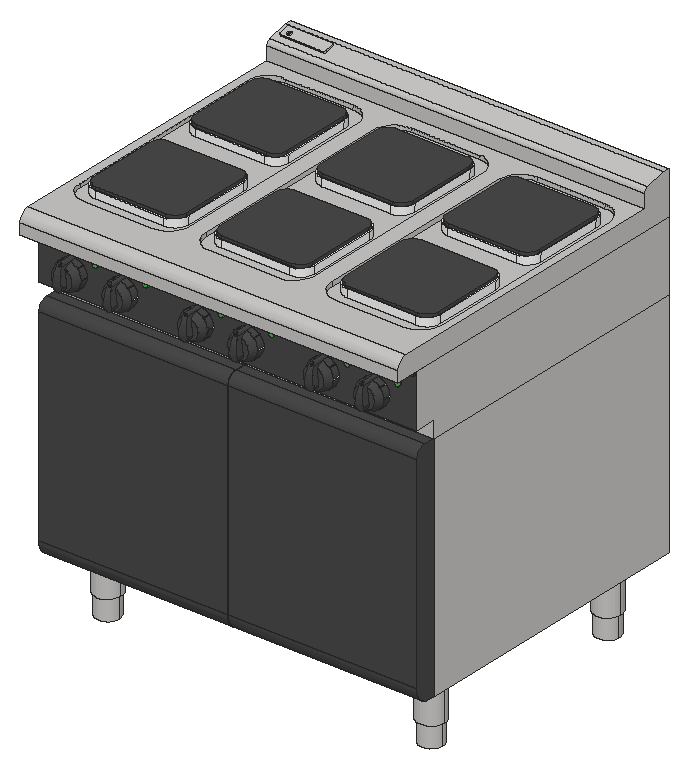
Revit family "QF_Moffat_RNLB8600SE-CD_Electrical_Cooktop_Sealed_Hobs_cat", category Specialty Equipment, Revit 2019
Family settings
  Round Connector Dimension = Use Diameter
  Part Type = Normal
  Work Plane-Based = No
  Always vertical = Yes
  Cut with Voids When Loaded = No
  Shared = No
  Room Calculation Point = No
Parameters (values of type "QF_Moffat_RNLB8600SE-CD")
  Weight in Kilograms = 130
  Watts = 9130 W
  Volts = 415 V
  URL Cutsheet = ""
  Specification by User = ""
  Specification by Manufacturer = ""
  Serial Number = ""
  Seismic Rating = ""
  SMACNA No = ""
  Revision Code = ""
  Phase = 3
  Number of Poles = 1
  NAFEM Spec ID Number = ""
  Model = "RNLB8600SE-CD"
  Min Ckt Ampacity = 0 A
  Max Overcurrent Protection = 0 A
  Masterspec = ""
  Manufacturer = "Moffat"
  Length = 900 mm
  Item Number = ""
  Installed By = ""
  Identify Quantity as Lot = yes
  Height = 970 mm
  HP = ""
  Furnished By = ""
  Foodservice Equipment Identifier = yes
  FL Amps = 22 A
  Electrical Remarks = ""
  Electric Connection Type = ""
  Elec Conn RI Height = 0 mm
  Elec Conn Connection Height = 0 mm
  Description = "Electric Cooktops Sealed Hobs"
  Depth = 805 mm
  Cycle = 60 Hz
  Conn Plug = ""
  Conn Conduit = yes
  CSI MasterFormat = ""
  Apparent Power = if(Phase = 3, Volts * FL Amps * 1.73, Volts * FL Amps)  # 15794.9 VA
Reference planes
  plane 1 "BACK": y = 0
  plane 2: z = 0
  plane 3 "LEFT": x = 0
  plane 4 "RIGHT": x = 900
  plane 5 "FRONT": y = -805
  plane 6 "TOP": z = 915
  plane 7 "Center Y": x = 450
  plane 8 "Center X": y = -402.5
  plane 9: z = 970
Forms (mm)
  Extrusion 1, solid, material "QF_Metal_Stainless_Polished"
    sketch origin (0, 0, 0) x (0, 1, 0) y (0, 0, 1)
      loop
        line (-805, 866) -> (0, 866) -> (0, 970) -> (-15, 970) -> (-61.106, 957.646)
        arc (-61.106, 957.646) -> (-67.52, 953.36) -> (-70, 946.055) r 12
        line (-70, 946.055) -> (-70, 915) -> (-781, 915)
        arc (-781, 915) -> (-797.971, 907.971) -> (-805, 891) r 24
        line (-805, 891) -> (-805, 866)
    from 0 to 900
  Extrusion 2, solid, material "QF_Metal_Stainless_Polished"
    sketch origin (0, 0, 55) x (0, 1, 0) y (0, 0, 1)
      loop
        line (-749, 811) -> (-749, 685) -> (0, 685) -> (0, 811) -> (-749, 811)
    from 0 to 900
  Extrusion 3, solid, material "QF_Metal_Stainless_Polished"
    sketch origin (0, 0, 55) x (0, 1, 0) y (0, 0, 1)
      loop
        line (-699, 685) -> (-699, 645.45) -> (0, 645.45) -> (0, 685) -> (-699, 685)
    from 0 to 900
  Extrusion 4, solid, material "QF_Plastic_Black_Smooth"
    sketch origin (900, 0, 0) x (0, 1, 0) y (0, 0, -1)
      loop
        line (-699, -700.45) -> (-699, -150) -> (-711, -150)
        arc (-711, -150) -> (-737.87, -161.13) -> (-749, -188) r 38
        line (-749, -188) -> (-749, -676.45)
        arc (-749, -676.45) -> (-741.971, -693.421) -> (-725, -700.45) r 24
        line (-725, -700.45) -> (-699, -700.45)
    from 0 to 449.5
  Extrusion 5, solid, material "QF_Plastic_Black_Smooth"
    sketch origin (0, 0, 0) x (0, 1, 0) y (0, 0, 1)
      loop
        line (-699, 700.45) -> (-725, 700.45)
        arc (-725, 700.45) -> (-741.971, 693.421) -> (-749, 676.45) r 24
        line (-749, 676.45) -> (-749, 188)
        arc (-749, 188) -> (-737.87, 161.13) -> (-711, 150) r 38
        line (-711, 150) -> (-699, 150) -> (-699, 700.45)
    from 0 to 449.5
  Extrusion 6, solid, material "QF_Metal_Stainless_Polished"
    sketch origin (900, 0, 0) x (0, -1, 0) y (0, 0, 1)
      loop
        line (0, 150) -> (699, 150) -> (699, 700.45) -> (0, 700.45) -> (0, 150)
    from 0 to 900
  Extrusion 7, void
    sketch origin (0, 0, 915) x (1, 0, 0) y (0, -1, 0)
      loop
        line (69, 102) -> (231, 102)
        arc (231, 102) -> (266.355, 116.645) -> (281, 152) r 50
        line (281, 152) -> (281, 652)
        arc (281, 652) -> (266.355, 687.355) -> (231, 702) r 50
        line (231, 702) -> (69, 702)
        arc (69, 702) -> (33.645, 687.355) -> (19, 652) r 50
        line (19, 652) -> (19, 152)
        arc (19, 152) -> (33.645, 116.645) -> (69, 102) r 50
      loop
        line (369, 102) -> (531, 102)
        arc (531, 102) -> (566.355, 116.645) -> (581, 152) r 50
        line (581, 152) -> (581, 652)
        arc (581, 652) -> (566.355, 687.355) -> (531, 702) r 50
        line (531, 702) -> (369, 702)
        arc (369, 702) -> (333.645, 687.355) -> (319, 652) r 50
        line (319, 652) -> (319, 152)
        arc (319, 152) -> (333.645, 116.645) -> (369, 102) r 50
      loop
        line (669, 102) -> (831, 102)
        arc (831, 102) -> (866.355, 116.645) -> (881, 152) r 50
        line (881, 152) -> (881, 652)
        arc (881, 652) -> (866.355, 687.355) -> (831, 702) r 50
        line (831, 702) -> (669, 702)
        arc (669, 702) -> (633.645, 687.355) -> (619, 652) r 50
        line (619, 652) -> (619, 152)
        arc (619, 152) -> (633.645, 116.645) -> (669, 102) r 50
    from 0 to 9.435
  Extrusion 8, solid, material "QF_Plastic_White_Smooth"
    sketch origin (0, -70, 905.565) x (1, 0, 0) y (0, 1, 0)
      loop
        line (232, -68) -> (68, -68)
        arc (68, -68) -> (45.373, -77.373) -> (36, -100) r 32
        line (36, -100) -> (36, -264)
        arc (36, -264) -> (45.373, -286.627) -> (68, -296) r 32
        line (68, -296) -> (232, -296)
        arc (232, -296) -> (254.627, -286.627) -> (264, -264) r 32
        line (264, -264) -> (264, -100)
        arc (264, -100) -> (254.627, -77.373) -> (232, -68) r 32
      loop
        line (532, -68) -> (368, -68)
        arc (368, -68) -> (345.373, -77.373) -> (336, -100) r 32
        line (336, -100) -> (336, -264)
        arc (336, -264) -> (345.373, -286.627) -> (368, -296) r 32
        line (368, -296) -> (532, -296)
        arc (532, -296) -> (554.627, -286.627) -> (564, -264) r 32
        line (564, -264) -> (564, -100)
        arc (564, -100) -> (554.627, -77.373) -> (532, -68) r 32
      loop
        line (832, -68) -> (668, -68)
        arc (668, -68) -> (645.373, -77.373) -> (636, -100) r 32
        line (636, -100) -> (636, -264)
        arc (636, -264) -> (645.373, -286.627) -> (668, -296) r 32
        line (668, -296) -> (832, -296)
        arc (832, -296) -> (854.627, -286.627) -> (864, -264) r 32
        line (864, -264) -> (864, -100)
        arc (864, -100) -> (854.627, -77.373) -> (832, -68) r 32
      loop
        line (232, -368) -> (68, -368)
        arc (68, -368) -> (45.373, -377.373) -> (36, -400) r 32
        line (36, -400) -> (36, -564)
        arc (36, -564) -> (45.373, -586.627) -> (68, -596) r 32
        line (68, -596) -> (232, -596)
        arc (232, -596) -> (254.627, -586.627) -> (264, -564) r 32
        line (264, -564) -> (264, -400)
        arc (264, -400) -> (254.627, -377.373) -> (232, -368) r 32
      loop
        line (532, -368) -> (368, -368)
        arc (368, -368) -> (345.373, -377.373) -> (336, -400) r 32
        line (336, -400) -> (336, -564)
        arc (336, -564) -> (345.373, -586.627) -> (368, -596) r 32
        line (368, -596) -> (532, -596)
        arc (532, -596) -> (554.627, -586.627) -> (564, -564) r 32
        line (564, -564) -> (564, -400)
        arc (564, -400) -> (554.627, -377.373) -> (532, -368) r 32
      loop
        line (832, -368) -> (668, -368)
        arc (668, -368) -> (645.373, -377.373) -> (636, -400) r 32
        line (636, -400) -> (636, -564)
        arc (636, -564) -> (645.373, -586.627) -> (668, -596) r 32
        line (668, -596) -> (832, -596)
        arc (832, -596) -> (854.627, -586.627) -> (864, -564) r 32
        line (864, -564) -> (864, -400)
        arc (864, -400) -> (854.627, -377.373) -> (832, -368) r 32
    from 0 to 17.735
  Extrusion 9, solid, material "QF_Plastic_Black_Smooth"
    sketch origin (0, -70, 923.3) x (1, 0, 0) y (0, 1, 0)
      loop
        line (233, -72) -> (67, -72)
        arc (67, -72) -> (47.908, -79.908) -> (40, -99) r 27
        line (40, -99) -> (40, -265)
        arc (40, -265) -> (47.908, -284.092) -> (67, -292) r 27
        line (67, -292) -> (233, -292)
        arc (233, -292) -> (252.092, -284.092) -> (260, -265) r 27
        line (260, -265) -> (260, -99)
        arc (260, -99) -> (252.092, -79.908) -> (233, -72) r 27
      loop
        line (533, -72) -> (367, -72)
        arc (367, -72) -> (347.908, -79.908) -> (340, -99) r 27
        line (340, -99) -> (340, -265)
        arc (340, -265) -> (347.908, -284.092) -> (367, -292) r 27
        line (367, -292) -> (533, -292)
        arc (533, -292) -> (552.092, -284.092) -> (560, -265) r 27
        line (560, -265) -> (560, -99)
        arc (560, -99) -> (552.092, -79.908) -> (533, -72) r 27
      loop
        line (833, -72) -> (667, -72)
        arc (667, -72) -> (647.908, -79.908) -> (640, -99) r 27
        line (640, -99) -> (640, -265)
        arc (640, -265) -> (647.908, -284.092) -> (667, -292) r 27
        line (667, -292) -> (833, -292)
        arc (833, -292) -> (852.092, -284.092) -> (860, -265) r 27
        line (860, -265) -> (860, -99)
        arc (860, -99) -> (852.092, -79.908) -> (833, -72) r 27
      loop
        line (833, -372) -> (667, -372)
        arc (667, -372) -> (647.908, -379.908) -> (640, -399) r 27
        line (640, -399) -> (640, -565)
        arc (640, -565) -> (647.908, -584.092) -> (667, -592) r 27
        line (667, -592) -> (833, -592)
        arc (833, -592) -> (852.092, -584.092) -> (860, -565) r 27
        line (860, -565) -> (860, -399)
        arc (860, -399) -> (852.092, -379.908) -> (833, -372) r 27
      loop
        line (533, -372) -> (367, -372)
        arc (367, -372) -> (347.908, -379.908) -> (340, -399) r 27
        line (340, -399) -> (340, -565)
        arc (340, -565) -> (347.908, -584.092) -> (367, -592) r 27
        line (367, -592) -> (533, -592)
        arc (533, -592) -> (552.092, -584.092) -> (560, -565) r 27
        line (560, -565) -> (560, -399)
        arc (560, -399) -> (552.092, -379.908) -> (533, -372) r 27
      loop
        line (233, -372) -> (67, -372)
        arc (67, -372) -> (47.908, -379.908) -> (40, -399) r 27
        line (40, -399) -> (40, -565)
        arc (40, -565) -> (47.908, -584.092) -> (67, -592) r 27
        line (67, -592) -> (233, -592)
        arc (233, -592) -> (252.092, -584.092) -> (260, -565) r 27
        line (260, -565) -> (260, -399)
        arc (260, -399) -> (252.092, -379.908) -> (233, -372) r 27
    from 0 to 6.1
  Revolve 10, solid, material "QF_Metal_Stainless_Polished"
    sketch origin (0, -625, 50) x (0, 0, -1) y (1, 0, 0)
      loop
        line (50, 65) -> (50, 92.5) -> (0, 92.5) -> (0, 96.75) -> (-100, 96.75) -> (-100, 65) -> (50, 65)
      axis (50, 65) -> (-100, 65)
    angle from 0 to 360
  Revolve 11, solid, material "QF_Metal_Stainless_Polished"
    sketch origin (0, -625, 50) x (0, 0, -1) y (1, 0, 0)
      loop
        line (50, 835) -> (-100, 835) -> (-100, 803.25) -> (0, 803.25) -> (0, 807.5) -> (50, 807.5) -> (50, 835)
      axis (50, 835) -> (-100, 835)
    angle from 0 to 360
  Revolve 12, solid, material "QF_Metal_Stainless_Polished"
    sketch origin (0, -100, 50) x (0, 0, -1) y (-1, 0, 0)
      loop
        line (50, -65) -> (-100, -65) -> (-100, -96.75) -> (0, -96.75) -> (0, -92.5) -> (50, -92.5) -> (50, -65)
      axis (50, -65) -> (-100, -65)
    angle from 0 to 360
  Revolve 13, solid, material "QF_Metal_Stainless_Polished"
    sketch origin (0, -100, 50) x (0, 0, -1) y (-1, 0, 0)
      loop
        line (50, -835) -> (50, -807.5) -> (0, -807.5) -> (0, -803.25) -> (-100, -803.25) -> (-100, -835) -> (50, -835)
      axis (50, -835) -> (-100, -835)
    angle from 0 to 360
  Extrusion 14, solid, material "QF_Plastic_Black_Smooth"
    sketch origin (9.416, -749, 786.609) x (0, 0, 1) y (-1, 0, 0)
      loop
        circle (71.343, -0.657) r 5
    from 0 to 1.6
  Extrusion 15, solid, material "QF_Metal_Stainless_Polished"
    sketch origin (900, 0, 150) x (-1, 0, 0) y (0, 1, 0)
      loop
        circle (130, -32) r 6.4
    from 0 to 1.6
  Extrusion 16, solid, material "QF_Plastic_Black_Smooth"
    sketch origin (890.584, -749, 786.609) x (0, 0, 1) y (-1, 0, 0)
      loop
        circle (71.343, 0.657) r 5
    from 0 to 1.6
  Extrusion 17, solid, material "QF_Paint_Green"
    sketch origin (0, -749, 866) x (0, 0, -1) y (1, 0, 0)
      loop
        circle (39.7, 135) r 7.25
      loop
        circle (39.7, 255) r 7.25
      loop
        circle (39.7, 435) r 7.25
      loop
        circle (39.7, 555) r 7.25
      loop
        circle (39.7, 735) r 7.25
      loop
        circle (39.7, 855) r 7.25
    from 0 to 1.6
Cuts and joins
  Extrusion 7 cuts Extrusion 4
  Extrusion 7 cuts Extrusion 5
  Extrusion 7 cuts Extrusion 6
  joined: Extrusion 6, Extrusion 15
  Extrusion 7 cuts Extrusion 1
  joined: Extrusion 2, Extrusion 3
Lines and regions (mm)
  symbolic lines
    curve 1: line (900, 0, 0) -> (0, 0, 0)
    curve 2: line (0, 0, 0) -> (0, -805, 0)
    curve 3: line (900, -805, 0) -> (900, 0, 0)
    curve 4: line (0, -805, 0) -> (900, -805, 0)
    curve 5: line (69, -102, 0) -> (231, -102, 0)
    curve 6: arc (231, -102, 0) -> (266.355, -116.645, 0) -> (281, -152, 0) r 50
    curve 7: line (281, -152, 0) -> (281, -652, 0)
    curve 8: arc (281, -652, 0) -> (266.355, -687.355, 0) -> (231, -702, 0) r 50
    curve 9: line (231, -702, 0) -> (69, -702, 0)
    curve 10: arc (69, -702, 0) -> (33.645, -687.355, 0) -> (19, -652, 0) r 50
    curve 11: line (19, -652, 0) -> (19, -152, 0)
    curve 12: arc (19, -152, 0) -> (33.645, -116.645, 0) -> (69, -102, 0) r 50
    curve 13: arc (319, -152, 0) -> (333.645, -116.645, 0) -> (369, -102, 0) r 50
    curve 14: line (369, -102, 0) -> (531, -102, 0)
    curve 15: arc (531, -102, 0) -> (566.355, -116.645, 0) -> (581, -152, 0) r 50
    curve 16: line (581, -152, 0) -> (581, -652, 0)
    curve 17: arc (581, -652, 0) -> (566.355, -687.355, 0) -> (531, -702, 0) r 50
    curve 18: line (531, -702, 0) -> (369, -702, 0)
    curve 19: arc (369, -702, 0) -> (333.645, -687.355, 0) -> (319, -652, 0) r 50
    curve 20: line (319, -652, 0) -> (319, -152, 0)
    curve 21: line (669, -102, 0) -> (831, -102, 0)
    curve 22: arc (831, -102, 0) -> (866.355, -116.645, 0) -> (881, -152, 0) r 50
    curve 23: line (881, -152, 0) -> (881, -652, 0)
    curve 24: arc (881, -652, 0) -> (866.355, -687.355, 0) -> (831, -702, 0) r 50
    curve 25: line (831, -702, 0) -> (669, -702, 0)
    curve 26: arc (669, -702, 0) -> (633.645, -687.355, 0) -> (619, -652, 0) r 50
    curve 27: line (619, -652, 0) -> (619, -152, 0)
    curve 28: arc (619, -152, 0) -> (633.645, -116.645, 0) -> (669, -102, 0) r 50
    curve 29: line (232, -138, 0) -> (68, -138, 0)
    curve 30: arc (68, -138, 0) -> (45.373, -147.373, 0) -> (36, -170, 0) r 32
    curve 31: line (36, -170, 0) -> (36, -334, 0)
    curve 32: arc (36, -334, 0) -> (45.373, -356.627, 0) -> (68, -366, 0) r 32
    curve 33: line (68, -366, 0) -> (232, -366, 0)
    curve 34: arc (232, -366, 0) -> (254.627, -356.627, 0) -> (264, -334, 0) r 32
    curve 35: line (264, -334, 0) -> (264, -170, 0)
    curve 36: arc (264, -170, 0) -> (254.627, -147.373, 0) -> (232, -138, 0) r 32
    curve 37: line (233, -142, 0) -> (67, -142, 0)
    curve 38: arc (67, -142, 0) -> (47.908, -149.908, 0) -> (40, -169, 0) r 27
    curve 39: line (40, -169, 0) -> (40, -335, 0)
    curve 40: arc (40, -335, 0) -> (47.908, -354.092, 0) -> (67, -362, 0) r 27
    curve 41: line (67, -362, 0) -> (233, -362, 0)
    curve 42: arc (233, -362, 0) -> (252.092, -354.092, 0) -> (260, -335, 0) r 27
    curve 43: line (260, -335, 0) -> (260, -169, 0)
    curve 44: arc (260, -169, 0) -> (252.092, -149.908, 0) -> (233, -142, 0) r 27
    curve 45: line (233, -442, 0) -> (67, -442, 0)
    curve 46: arc (67, -442, 0) -> (47.908, -449.908, 0) -> (40, -469, 0) r 27
    curve 47: line (40, -469, 0) -> (40, -635, 0)
    curve 48: arc (40, -635, 0) -> (47.908, -654.092, 0) -> (67, -662, 0) r 27
    curve 49: line (67, -662, 0) -> (233, -662, 0)
    curve 50: arc (233, -662, 0) -> (252.092, -654.092, 0) -> (260, -635, 0) r 27
    curve 51: line (260, -635, 0) -> (260, -469, 0)
    curve 52: arc (260, -469, 0) -> (252.092, -449.908, 0) -> (233, -442, 0) r 27
    curve 53: line (232, -438, 0) -> (68, -438, 0)
    curve 54: arc (68, -438, 0) -> (45.373, -447.373, 0) -> (36, -470, 0) r 32
    curve 55: line (36, -470, 0) -> (36, -634, 0)
    curve 56: arc (36, -634, 0) -> (45.373, -656.627, 0) -> (68, -666, 0) r 32
    curve 57: line (68, -666, 0) -> (232, -666, 0)
    curve 58: arc (232, -666, 0) -> (254.627, -656.627, 0) -> (264, -634, 0) r 32
    curve 59: line (264, -634, 0) -> (264, -470, 0)
    curve 60: arc (264, -470, 0) -> (254.627, -447.373, 0) -> (232, -438, 0) r 32
    curve 61: line (367, -662, 0) -> (533, -662, 0)
    curve 62: arc (533, -662, 0) -> (552.092, -654.092, 0) -> (560, -635, 0) r 27
    curve 63: line (560, -635, 0) -> (560, -469, 0)
    curve 64: arc (560, -469, 0) -> (552.092, -449.908, 0) -> (533, -442, 0) r 27
    curve 65: line (533, -442, 0) -> (367, -442, 0)
    curve 66: arc (367, -442, 0) -> (347.908, -449.908, 0) -> (340, -469, 0) r 27
    curve 67: line (340, -469, 0) -> (340, -635, 0)
    curve 68: arc (340, -635, 0) -> (347.908, -654.092, 0) -> (367, -662, 0) r 27
    curve 69: line (368, -666, 0) -> (532, -666, 0)
    curve 70: arc (532, -666, 0) -> (554.627, -656.627, 0) -> (564, -634, 0) r 32
    curve 71: line (564, -634, 0) -> (564, -470, 0)
    curve 72: arc (564, -470, 0) -> (554.627, -447.373, 0) -> (532, -438, 0) r 32
    curve 73: line (532, -438, 0) -> (368, -438, 0)
    curve 74: arc (368, -438, 0) -> (345.373, -447.373, 0) -> (336, -470, 0) r 32
    curve 75: line (336, -470, 0) -> (336, -634, 0)
    curve 76: arc (336, -634, 0) -> (345.373, -656.627, 0) -> (368, -666, 0) r 32
    curve 77: line (532, -138, 0) -> (368, -138, 0)
    curve 78: arc (368, -138, 0) -> (345.373, -147.373, 0) -> (336, -170, 0) r 32
    curve 79: line (336, -170, 0) -> (336, -334, 0)
    curve 80: arc (336, -334, 0) -> (345.373, -356.627, 0) -> (368, -366, 0) r 32
    curve 81: line (368, -366, 0) -> (532, -366, 0)
    curve 82: arc (532, -366, 0) -> (554.627, -356.627, 0) -> (564, -334, 0) r 32
    curve 83: line (564, -334, 0) -> (564, -170, 0)
    curve 84: arc (564, -170, 0) -> (554.627, -147.373, 0) -> (532, -138, 0) r 32
    curve 85: line (533, -142, 0) -> (367, -142, 0)
    curve 86: arc (367, -142, 0) -> (347.908, -149.908, 0) -> (340, -169, 0) r 27
    curve 87: line (340, -169, 0) -> (340, -335, 0)
    curve 88: arc (340, -335, 0) -> (347.908, -354.092, 0) -> (367, -362, 0) r 27
    curve 89: line (367, -362, 0) -> (533, -362, 0)
    curve 90: arc (533, -362, 0) -> (552.092, -354.092, 0) -> (560, -335, 0) r 27
    curve 91: line (560, -335, 0) -> (560, -169, 0)
    curve 92: arc (560, -169, 0) -> (552.092, -149.908, 0) -> (533, -142, 0) r 27
    curve 93: line (833, -142, 0) -> (667, -142, 0)
    curve 94: arc (667, -142, 0) -> (647.908, -149.908, 0) -> (640, -169, 0) r 27
    curve 95: line (640, -169, 0) -> (640, -335, 0)
    curve 96: arc (640, -335, 0) -> (647.908, -354.092, 0) -> (667, -362, 0) r 27
    curve 97: line (667, -362, 0) -> (833, -362, 0)
    curve 98: arc (833, -362, 0) -> (852.092, -354.092, 0) -> (860, -335, 0) r 27
    curve 99: line (860, -335, 0) -> (860, -169, 0)
    curve 100: arc (860, -169, 0) -> (852.092, -149.908, 0) -> (833, -142, 0) r 27
    curve 101: line (832, -138, 0) -> (668, -138, 0)
    curve 102: arc (668, -138, 0) -> (645.373, -147.373, 0) -> (636, -170, 0) r 32
    curve 103: line (636, -170, 0) -> (636, -334, 0)
    curve 104: arc (636, -334, 0) -> (645.373, -356.627, 0) -> (668, -366, 0) r 32
    curve 105: line (668, -366, 0) -> (832, -366, 0)
    curve 106: arc (832, -366, 0) -> (854.627, -356.627, 0) -> (864, -334, 0) r 32
    curve 107: line (864, -334, 0) -> (864, -170, 0)
    curve 108: arc (864, -170, 0) -> (854.627, -147.373, 0) -> (832, -138, 0) r 32
    curve 109: line (833, -442, 0) -> (667, -442, 0)
    curve 110: arc (667, -442, 0) -> (647.908, -449.908, 0) -> (640, -469, 0) r 27
    curve 111: line (640, -469, 0) -> (640, -635, 0)
    curve 112: arc (640, -635, 0) -> (647.908, -654.092, 0) -> (667, -662, 0) r 27
    curve 113: line (667, -662, 0) -> (833, -662, 0)
    curve 114: arc (833, -662, 0) -> (852.092, -654.092, 0) -> (860, -635, 0) r 27
    curve 115: line (860, -635, 0) -> (860, -469, 0)
    curve 116: arc (860, -469, 0) -> (852.092, -449.908, 0) -> (833, -442, 0) r 27
    curve 117: line (832, -438, 0) -> (668, -438, 0)
    curve 118: arc (668, -438, 0) -> (645.373, -447.373, 0) -> (636, -470, 0) r 32
    curve 119: line (636, -470, 0) -> (636, -634, 0)
    curve 120: arc (636, -634, 0) -> (645.373, -656.627, 0) -> (668, -666, 0) r 32
    curve 121: line (668, -666, 0) -> (832, -666, 0)
    curve 122: arc (832, -666, 0) -> (854.627, -656.627, 0) -> (864, -634, 0) r 32
    curve 123: line (864, -634, 0) -> (864, -470, 0)
    curve 124: arc (864, -470, 0) -> (854.627, -447.373, 0) -> (832, -438, 0) r 32
    curve 125: line (0, -15, 0) -> (900, -15, 0)
    curve 126: line (0, -70, 0) -> (900, -70, 0)
Dimensions and locks
  equal spacing: plane 3 "LEFT", plane 7 "Center Y", plane 4 "RIGHT"
  "Length": plane 3 "LEFT" to plane 4 "RIGHT"
  equal spacing: plane 5 "FRONT", plane 8 "Center X", plane 1 "BACK"
  "Depth": plane 5 "FRONT" to plane 1 "BACK"
  "Height": plane 9 to level
  aligned and locked: level to plane 2
Automatic sketch dimensions
  Extrusion 1 sketch curve to plane 5 "FRONT" = 0 mm
  Extrusion 1 sketch curve to plane 6 "TOP" = 0 mm
  Extrusion 1 sketch curve to plane 5 "FRONT" = 24 mm
  Extrusion 1 sketch curve to Extrusion 1 sketch curve = 25 mm
  Extrusion 2 sketch curve to plane 1 "BACK" = 0 mm
  Extrusion 2 sketch curve to plane 5 "FRONT" = 56 mm
  Extrusion 2 sketch curve to plane 6 "TOP" = 175 mm
  Extrusion 2 sketch curve to plane 6 "TOP" = 49 mm
  Extrusion 3 sketch curve to plane 1 "BACK" = 0 mm
  Extrusion 3 sketch curve to plane 5 "FRONT" = 106 mm
  Extrusion 3 sketch curve to plane 6 "TOP" = 214.55 mm
  Extrusion 3 sketch curve to Extrusion 3 sketch curve = 39.55 mm
  Extrusion 4 sketch curve to plane 5 "FRONT" = 56 mm
  Extrusion 4 sketch curve to Extrusion 4 sketch curve = 24 mm
  Extrusion 4 sketch curve to Extrusion 4 sketch curve = 38 mm
  Extrusion 4 sketch curve to Extrusion 4 sketch curve = 26 mm
  Extrusion 4 sketch curve to plane 6 "TOP" = 214.55 mm
  level to Extrusion 4 sketch curve = 188 mm
  Extrusion 5 sketch curve to plane 5 "FRONT" = 56 mm
  Extrusion 5 sketch curve to Extrusion 5 sketch curve = 24 mm
  Extrusion 5 sketch curve to Extrusion 5 sketch curve = 38 mm
  Extrusion 5 sketch curve to Extrusion 5 sketch curve = 26 mm
  level to Extrusion 5 sketch curve = 150 mm
  Extrusion 5 sketch curve to plane 6 "TOP" = 238.55 mm
  Extrusion 6 sketch curve to plane 1 "BACK" = 0 mm
  Extrusion 6 sketch curve to plane 5 "FRONT" = 106 mm
  level to Extrusion 6 sketch curve = 150 mm
  Extrusion 6 sketch curve to plane 6 "TOP" = 214.55 mm
  Extrusion 1 to Extrusion 7 sketch curve = 19 mm  (x2)
  Extrusion 7 sketch curve to Extrusion 7 sketch curve = 50 mm  (x8)
  Extrusion 7 sketch curve to Extrusion 1 = 79 mm  (x3)
  Extrusion 7 sketch curve to Extrusion 7 sketch curve = 162 mm  (x4)
  Extrusion 7 sketch curve to Extrusion 7 sketch curve = 38 mm  (x2)
  Extrusion 1 to Extrusion 7 sketch curve = 69 mm  (x2)
  Extrusion 7 sketch curve to Extrusion 7 sketch curve = 0 mm
  plane 3 "LEFT" to Extrusion 8 sketch curve = 36 mm  (x2)
  Extrusion 8 sketch curve to Extrusion 8 sketch curve = 32 mm  (x18)
  Extrusion 8 sketch curve to Extrusion 8 sketch curve = 164 mm  (x8)
  Extrusion 8 sketch curve to Extrusion 8 sketch curve = 0 mm  (x2)
  Extrusion 8 sketch curve to Extrusion 8 sketch curve = 72 mm  (x4)
  plane 8 "Center X" to Extrusion 8 sketch curve = 36.5 mm  (x3)
  plane 7 "Center Y" to Extrusion 8 sketch curve = 82 mm  (x4)
  Extrusion 8 sketch curve to plane 8 "Center X" = 35.5 mm
  plane 4 "RIGHT" to Extrusion 8 sketch curve = 68 mm  (x4)
  Extrusion 8 sketch curve to plane 8 "Center X" = 67.5 mm  (x2)
  Extrusion 9 sketch curve to Extrusion 8 = 4 mm  (x19)
  Extrusion 9 sketch curve to Extrusion 8 = 31 mm  (x23)
  Extrusion 9 sketch curve to Extrusion 9 sketch curve = 27 mm  (x6)
  Revolve 10 sketch curve to level = 0 mm  (x2)
  level to Revolve 10 sketch curve = 50 mm
  Revolve 10 sketch curve to Revolve 10 sketch curve = 100 mm
  plane 3 "LEFT" to Revolve 10 sketch curve = 65 mm
  Revolve 10 sketch curve to Revolve 10 sketch curve = 27.5 mm
  Revolve 10 sketch curve to Revolve 10 sketch curve = 31.75 mm
  level to Revolve 10 sketch curve = 25 mm
  Revolve 10 sketch curve to Revolve 10 sketch curve = 0 mm
  Revolve 11 sketch curve to level = 0 mm  (x2)
  level to Revolve 11 sketch curve = 50 mm
  Revolve 11 sketch curve to Revolve 11 sketch curve = 100 mm
  plane 4 "RIGHT" to Revolve 11 sketch curve = 96.75 mm
  Revolve 11 sketch curve to Revolve 11 sketch curve = 4.25 mm
  Revolve 11 sketch curve to Revolve 11 sketch curve = 27.5 mm
  level to Revolve 11 sketch curve = 25 mm
  Revolve 11 sketch curve to Revolve 11 sketch curve = 0 mm
  Revolve 12 sketch curve to level = 0 mm  (x2)
  level to Revolve 12 sketch curve = 50 mm
  Revolve 12 sketch curve to Revolve 12 sketch curve = 100 mm
  plane 3 "LEFT" to Revolve 12 sketch curve = 96.75 mm
  Revolve 12 sketch curve to Revolve 12 sketch curve = 4.25 mm
  Revolve 12 sketch curve to Revolve 12 sketch curve = 27.5 mm
  level to Revolve 12 sketch curve = 25 mm
  Revolve 12 sketch curve to Revolve 12 sketch curve = 0 mm
  Revolve 13 sketch curve to level = 0 mm  (x2)
  level to Revolve 13 sketch curve = 50 mm
  Revolve 13 sketch curve to Revolve 13 sketch curve = 100 mm
  plane 4 "RIGHT" to Revolve 13 sketch curve = 65 mm
  Revolve 13 sketch curve to Revolve 13 sketch curve = 27.5 mm
  Revolve 13 sketch curve to Revolve 13 sketch curve = 31.75 mm
  level to Revolve 13 sketch curve = 25 mm
  Revolve 13 sketch curve to Revolve 13 sketch curve = 0 mm
  plane 3 "LEFT" to Extrusion 14 sketch curve = 10.074 mm
  Extrusion 14 sketch curve to plane 6 "TOP" = 57.048 mm
  Extrusion 15 sketch curve to Extrusion 6 = 32 mm
  Extrusion 15 sketch curve to Extrusion 6 = 130 mm
  plane 4 "RIGHT" to Extrusion 16 sketch curve = 10.074 mm
  Extrusion 16 sketch curve to plane 6 "TOP" = 57.048 mm
  Extrusion 2 to Extrusion 17 sketch curve = 39.7 mm  (x6)
  Extrusion 2 to Extrusion 17 sketch curve = 135 mm
  Extrusion 17 sketch curve to Extrusion 17 sketch curve = 120 mm  (x2)
  Extrusion 17 sketch curve to Extrusion 17 sketch curve = 180 mm
  Extrusion 2 to Extrusion 17 sketch curve = 165 mm
  Extrusion 2 to Extrusion 17 sketch curve = 45 mm
  plane 1 "BACK" to curve 1 = 0 mm
  curve 1 to plane 3 "LEFT" = 0 mm
  curve 3 to plane 5 "FRONT" = 0 mm
  curve 3 to plane 4 "RIGHT" = 0 mm
  plane 3 "LEFT" to curve 11 = 19 mm
  curve 11 to curve 12 = 50 mm
  curve 10 to curve 10 = 50 mm
  curve 10 to curve 9 = 162 mm
  curve 12 to curve 6 = 162 mm
  curve 8 to curve 7 = 50 mm
  curve 9 to plane 5 "FRONT" = 103 mm
  plane 1 "BACK" to curve 7 = 152 mm
  curve 7 to curve 20 = 38 mm
  curve 13 to curve 13 = 50 mm
  curve 19 to curve 18 = 50 mm
  plane 7 "Center Y" to curve 15 = 81 mm
  plane 7 "Center Y" to curve 18 = 81 mm
  curve 17 to curve 16 = 50 mm
  curve 18 to plane 5 "FRONT" = 103 mm
  curve 6 to curve 20 = 0 mm
  curve 16 to curve 27 = 38 mm
  curve 27 to curve 21 = 50 mm
  curve 26 to curve 26 = 50 mm
  plane 4 "RIGHT" to curve 24 = 69 mm
  plane 4 "RIGHT" to curve 22 = 69 mm
  plane 4 "RIGHT" to curve 23 = 19 mm
  curve 25 to curve 16 = 50 mm
  curve 15 to curve 27 = 0 mm
  plane 3 "LEFT" to curve 31 = 36 mm
  curve 30 to curve 12 = 1 mm
  curve 32 to curve 33 = 32 mm
  curve 6 to curve 36 = 1 mm
  plane 8 "Center X" to curve 33 = 36.5 mm
  curve 33 to curve 33 = 164 mm
  curve 34 to curve 35 = 32 mm
  curve 36 to curve 6 = 18 mm
  curve 30 to curve 39 = 4 mm
  curve 37 to curve 30 = 1 mm
  curve 40 to curve 32 = 1 mm
  curve 36 to curve 37 = 1 mm
  curve 34 to curve 41 = 1 mm
  curve 43 to curve 36 = 4 mm
  curve 32 to curve 41 = 4 mm
  curve 30 to curve 39 = 1 mm
  curve 11 to curve 47 = 21 mm
  curve 49 to curve 10 = 2 mm
  curve 47 to curve 46 = 27 mm
  curve 8 to curve 49 = 2 mm
  curve 33 to curve 52 = 1 mm
  curve 50 to curve 51 = 27 mm
  curve 49 to curve 10 = 10 mm
  curve 51 to plane 8 "Center X" = 66.5 mm
  curve 55 to curve 46 = 4 mm
  curve 46 to curve 53 = 1 mm
  curve 48 to curve 56 = 1 mm
  curve 58 to curve 50 = 1 mm
  curve 60 to curve 52 = 1 mm
  curve 51 to curve 59 = 4 mm
  curve 57 to curve 49 = 4 mm
  curve 55 to curve 46 = 1 mm
  curve 59 to curve 67 = 76 mm
  curve 66 to curve 65 = 27 mm
  curve 68 to curve 19 = 2 mm
  curve 17 to curve 62 = 2 mm
  curve 65 to plane 8 "Center X" = 39.5 mm
  plane 7 "Center Y" to curve 65 = 83 mm
  curve 64 to curve 63 = 27 mm
  curve 61 to curve 19 = 10 mm
  curve 75 to curve 66 = 4 mm
  curve 68 to curve 69 = 1 mm
  curve 66 to curve 74 = 1 mm
  curve 70 to curve 62 = 1 mm
  curve 73 to curve 64 = 1 mm
  curve 63 to curve 71 = 4 mm
  curve 69 to curve 61 = 4 mm
  curve 75 to curve 66 = 1 mm
  curve 13 to curve 79 = 17 mm
  curve 77 to curve 13 = 1 mm
  curve 80 to curve 81 = 32 mm
  curve 15 to curve 84 = 1 mm
  plane 8 "Center X" to curve 81 = 36.5 mm
  curve 81 to curve 73 = 0 mm
  curve 83 to curve 16 = 17 mm
  curve 79 to curve 13 = 18 mm
  curve 78 to curve 87 = 4 mm
  curve 85 to curve 77 = 1 mm
  curve 88 to curve 80 = 1 mm
  curve 77 to curve 85 = 1 mm
  curve 82 to curve 89 = 1 mm
  curve 91 to curve 82 = 4 mm
  curve 80 to curve 89 = 4 mm
  curve 78 to curve 86 = 1 mm
  curve 83 to curve 95 = 76 mm
  curve 96 to curve 96 = 27 mm
  curve 93 to curve 28 = 2 mm
  curve 22 to curve 93 = 2 mm
  plane 8 "Center X" to curve 97 = 40.5 mm
  plane 4 "RIGHT" to curve 97 = 67 mm
  curve 98 to curve 99 = 27 mm
  curve 94 to curve 28 = 17 mm
  curve 103 to curve 94 = 4 mm
  curve 96 to curve 105 = 1 mm
  curve 94 to curve 102 = 1 mm
  curve 106 to curve 98 = 1 mm
  curve 108 to curve 100 = 1 mm
  curve 99 to curve 107 = 4 mm
  curve 105 to curve 96 = 4 mm
  curve 102 to curve 94 = 1 mm
  curve 71 to curve 111 = 76 mm
  curve 112 to curve 26 = 2 mm
  curve 110 to curve 109 = 27 mm
  curve 24 to curve 114 = 2 mm
  plane 4 "RIGHT" to curve 116 = 67 mm
  curve 114 to curve 115 = 27 mm
  curve 113 to curve 24 = 10 mm
  curve 116 to plane 8 "Center X" = 66.5 mm
  curve 119 to curve 112 = 4 mm
  curve 112 to curve 121 = 1 mm
  curve 110 to curve 118 = 1 mm
  curve 121 to curve 114 = 1 mm
  curve 117 to curve 116 = 1 mm
  curve 116 to curve 123 = 4 mm
  curve 121 to curve 112 = 4 mm
  curve 124 to curve 116 = 1 mm
  plane 6 "TOP" to Extrusion 1 sketch curve = 31.055 mm
  plane 1 "BACK" to Extrusion 1 sketch curve = 70 mm
  Extrusion 1 sketch curve to Extrusion 1 sketch curve = 12 mm
  Extrusion 1 sketch curve to Extrusion 1 sketch curve = 3.106 mm
  plane 1 "BACK" to Extrusion 1 sketch curve = 15 mm
  Extrusion 1 sketch curve to Extrusion 1 sketch curve = 12.354 mm
  Extrusion 1 sketch curve to plane 1 "BACK" = 0 mm
  Extrusion 7 sketch curve to Extrusion 1 = 82 mm  (x2)
  curve 125 to curve 1 = 15 mm
  curve 126 to curve 125 = 55 mm
  radius of Extrusion 14 sketch curve = 5 mm
  radius of Extrusion 15 sketch curve = 6.4 mm
  radius of Extrusion 16 sketch curve = 5 mm
  radius of Extrusion 17 sketch curve = 7.25 mm  (x6)
Nested families
  nested 1: "Knob" at (57.325, -749, 764.49), type "Knob"
  nested 2: "Knob" at (177.5, -749, 764.49), type "Knob"
  nested 3: "Knob" at (357.5, -749, 764.49), type "Knob"
  nested 4: "Knob" at (722.5, -749, 764.49) x (-1, 0, 0) z (0, 0, 1), type "Knob"
  nested 5: "Knob" at (542.5, -749, 764.49) x (-1, 0, 0) z (0, 0, 1), type "Knob"
  nested 6: "Knob" at (842.5, -749, 764.49) x (-1, 0, 0) z (0, 0, 1), type "Knob"
  nested 7: "QF_LOGO_Waldorf" at (10.75, -20.251, 941.882), type "QF_LOGO_Waldorf"
Connectors
  electrical at (770, -32, 148.4), driven by "Volts", driven by "Watts"
    settings: on cut or joined group of Extrusion 6, Extrusion 7, Extrusion 15, index 1, voltage 415 V, apparent load 9130 VA, apparent load phase1 0 VA, apparent load phase2 0 VA, apparent load phase3 0 VA, power factor 1, load classification "Other", number of poles 1, system type 30, power factor state 1, is connector primary yes, connector utility no, sub classification motor no, connector description "ELECTRICAL CONNECTION"
Definition of nested family "Knob"
  Parameters (values of type "Knob")
    Weight in Pounds = 0
    URL Cutsheet = ""
    Specification by User = ""
    Specification by Manufacturer = ""
    Serial Number = ""
    Seismic Rating = ""
    SMACNA No = ""
    Revision Code = ""
    NAFEM Spec ID Number = ""
    Masterspec = ""
    Length = 65 mm
    Item Number = ""
    Installed By = ""
    Identify Quantity as Lot = yes
    Height = 69.5 mm
    Furnished By = ""
    Foodservice Equipment Identifier = yes
    Depth = 59 mm
    CSI MasterFormat = ""
  Reference planes
    plane 1 "BACK": y = 0
    plane 2: z = 0
    plane 3 "LEFT": x = 0
    plane 4 "RIGHT": x = 65
    plane 5 "FRONT": y = -59
    plane 6 "TOP": z = 69.5
    plane 7 "Center Y": x = 32.5
    plane 8 "Center X": y = -29.5
  Forms (mm)
    Revolve 1, solid
      sketch origin (32.5, 175.397, 1219.2) x (0, 1, 0) y (0, 0, 1)
        loop
          line (-175.397, -1186.7) -> (-219.397, -1186.7) -> (-219.397, -1211.501) -> (-202.106, -1219.2) -> (-185.397, -1219.2) -> (-185.397, -1191.7) -> (-175.397, -1191.7) -> (-175.397, -1186.7)
        axis (-219.397, -1186.7) -> (-175.397, -1186.7)
      angle from 0 to 360
    Extrusion 2, solid
      sketch origin (32.5, 175.397, 1219.2) x (0, 1, 0) y (0, 0, 1)
        loop
          line (-202.106, -1154.2) -> (-185.397, -1154.2) -> (-185.397, -1149.7) -> (-224.105, -1149.7)
          arc (-224.105, -1149.7) -> (-233.965, -1178.467) -> (-230.696, -1208.7) r 70
          line (-230.696, -1208.7) -> (-219.397, -1208.7) -> (-219.397, -1161.899) -> (-202.106, -1154.2)
      from -15 to 15
    Extrusion 3, void
      sketch origin (0, 0, 0) x (1, 0, 0) y (0, 0, 1)
        loop
          line (27.501, 64.613) -> (22.02, 20.585)
          arc (22.02, 20.585) -> (32.792, 10.488) -> (42.986, 21.169) r 10.487
          line (42.986, 21.169) -> (37.499, 64.613)
          arc (37.499, 64.613) -> (32.5, 69.5) -> (27.501, 64.613) r 5
        loop
          line (10, 72.977) -> (10, 5.625) -> (55, 5.625) -> (55, 72.977) -> (10, 72.977)
      from 6.142 to 69.687
    Extrusion 4, solid
      sketch origin (0, -34.115, -16.916) x (1, 0, 0) y (0, 0.45399, 0.891007)
        loop
          circle (32.497, 65) r 2
      from 51.525 to 53.075
    Extrusion 5, solid
      sketch origin (32.5, -10, 32.5) x (0, 0, -1) y (-1, 0, 0)
        loop
          line (-23.54, -22.408) -> (-24.106, -22.974)
          arc (-24.106, -22.974) -> (-23.547, -23.547) -> (-22.974, -24.106) r 33.3
          line (-22.974, -24.106) -> (-22.408, -23.54)
          arc (-22.408, -23.54) -> (-22.981, -22.981) -> (-23.54, -22.408) r 32.5
        loop
          arc (-0.8, -33.29) -> (0, -33.3) -> (0.8, -33.29) r 33.3
          line (0.8, -33.29) -> (0.8, -32.49)
          arc (0.8, -32.49) -> (0, -32.5) -> (-0.8, -32.49) r 32.5
          line (-0.8, -32.49) -> (-0.8, -33.29)
        loop
          arc (23.54, -22.408) -> (22.981, -22.981) -> (22.408, -23.54) r 32.5
          line (22.408, -23.54) -> (22.974, -24.106)
          arc (22.974, -24.106) -> (23.547, -23.547) -> (24.106, -22.974) r 33.3
          line (24.106, -22.974) -> (23.54, -22.408)
        loop
          arc (-23.54, 22.408) -> (-22.981, 22.981) -> (-22.408, 23.54) r 32.5
          line (-22.408, 23.54) -> (-22.974, 24.106)
          arc (-22.974, 24.106) -> (-23.547, 23.547) -> (-24.106, 22.974) r 33.3
          line (-24.106, 22.974) -> (-23.54, 22.408)
        loop
          line (-0.8, 33.29) -> (-0.8, 32.49)
          arc (-0.8, 32.49) -> (0, 32.5) -> (0.8, 32.49) r 32.5
          line (0.8, 32.49) -> (0.8, 33.29)
          arc (0.8, 33.29) -> (0, 33.3) -> (-0.8, 33.29) r 33.3
        loop
          line (32.49, -0.8) -> (33.29, -0.8)
          arc (33.29, -0.8) -> (33.3, 0) -> (33.29, 0.8) r 33.3
          line (33.29, 0.8) -> (32.49, 0.8)
          arc (32.49, 0.8) -> (32.5, 0) -> (32.49, -0.8) r 32.5
        loop
          arc (24.106, 22.974) -> (23.547, 23.547) -> (22.974, 24.106) r 33.3
          line (22.974, 24.106) -> (22.408, 23.54)
          arc (22.408, 23.54) -> (22.981, 22.981) -> (23.54, 22.408) r 32.5
          line (23.54, 22.408) -> (24.106, 22.974)
      from 0 to -16.709
  Cuts and joins
    Extrusion 3 cuts Extrusion 2
  Dimensions and locks
    equal spacing: plane 3 "LEFT", plane 7 "Center Y", plane 4 "RIGHT"
    "Length": plane 3 "LEFT" to plane 4 "RIGHT"
    equal spacing: plane 5 "FRONT", plane 8 "Center X", plane 1 "BACK"
    "Depth": plane 5 "FRONT" to plane 1 "BACK"
    "Height": plane 6 "TOP" to level
    plane 4 "RIGHT" to plane 3 "LEFT" = 65 mm
    aligned and locked: level to plane 2
  Automatic sketch dimensions
    Revolve 1 sketch curve to level = 0 mm
    Revolve 1 sketch curve to plane 1 "BACK" = 0 mm  (x2)
    plane 1 "BACK" to Revolve 1 sketch curve = 10 mm
    plane 8 "Center X" to Revolve 1 sketch curve = 2.791 mm
    Revolve 1 sketch curve to plane 8 "Center X" = 14.5 mm
    level to Revolve 1 sketch curve = 7.699 mm
    level to Revolve 1 sketch curve = 27.5 mm
    Revolve 1 sketch curve to Revolve 1 sketch curve = 5 mm
    Revolve 1 sketch curve to Revolve 1 sketch curve = 35 mm
    Revolve 1 sketch curve to Revolve 1 sketch curve = 0 mm
    Extrusion 2 sketch curve to plane 6 "TOP" = 0 mm
    Extrusion 2 sketch curve to plane 5 "FRONT" = 3.702 mm
    Extrusion 2 sketch curve to plane 5 "FRONT" = 10.293 mm
    Extrusion 2 sketch curve to Extrusion 2 sketch curve = 11.298 mm
    plane 8 "Center X" to Extrusion 2 sketch curve = 2.791 mm
    plane 1 "BACK" to Extrusion 2 sketch curve = 10 mm
    Extrusion 2 sketch curve to plane 1 "BACK" = 11 mm
    Extrusion 2 sketch curve to plane 6 "TOP" = 4.5 mm
    Extrusion 2 sketch curve to plane 6 "TOP" = 12.199 mm
    level to Extrusion 2 sketch curve = 32.962 mm
    level to Extrusion 3 sketch curve = 5.625 mm
    Extrusion 3 sketch curve to plane 7 "Center Y" = 0 mm  (x2)
    Extrusion 3 sketch curve to plane 7 "Center Y" = 4.999 mm
    Extrusion 3 sketch curve to plane 7 "Center Y" = 10.48 mm
    plane 6 "TOP" to Extrusion 3 sketch curve = 3.477 mm
    plane 3 "LEFT" to Extrusion 3 sketch curve = 10 mm
    Extrusion 3 sketch curve to plane 6 "TOP" = 4.887 mm
    Extrusion 3 sketch curve to Extrusion 3 sketch curve = 4.999 mm
    plane 7 "Center Y" to Extrusion 3 sketch curve = 10.486 mm
    level to Extrusion 3 sketch curve = 20.585 mm
    Extrusion 3 sketch curve to Extrusion 3 sketch curve = 0.387 mm
    Extrusion 3 sketch curve to Extrusion 3 sketch curve = 0.113 mm
    plane 4 "RIGHT" to Extrusion 3 sketch curve = 10 mm
    Extrusion 5 sketch curve to Revolve 1 = 32.49 mm
    Revolve 1 to Extrusion 5 sketch curve = 32.49 mm
    Extrusion 5 sketch curve to Revolve 1 = 23.54 mm  (x2)
    Revolve 1 to Extrusion 5 sketch curve = 23.54 mm  (x2)
    Extrusion 5 sketch curve to Revolve 1 = 24.106 mm  (x2)
    Revolve 1 to Extrusion 5 sketch curve = 24.106 mm  (x2)
    Revolve 1 to Extrusion 5 sketch curve = 22.408 mm  (x2)
    Extrusion 5 sketch curve to Revolve 1 = 22.408 mm  (x2)
    Revolve 1 to Extrusion 5 sketch curve = 22.974 mm  (x2)
    Extrusion 5 sketch curve to Revolve 1 = 22.974 mm  (x2)
    Extrusion 5 sketch curve to Extrusion 5 sketch curve = 1.6 mm  (x2)
    Revolve 1 to Extrusion 5 sketch curve = 0.8 mm
    Extrusion 5 sketch curve to Revolve 1 = 0.8 mm
    Extrusion 4 sketch curve to plane 7 "Center Y" = 0.003 mm
    radius of Extrusion 5 sketch curve to Revolve 1 = 0 mm  (x7)
    radius of Revolve 1 to Extrusion 5 sketch curve = 0.8 mm  (x7)
    radius of Extrusion 4 sketch curve = 2 mm
Definition of nested family "QF_LOGO_Waldorf"
  Parameters (values of type "QF_LOGO_Waldorf")
    Weight in Pounds = 0
    URL Cutsheet = ""
    Specification by User = ""
    Specification by Manufacturer = ""
    Serial Number = ""
    Seismic Rating = ""
    SMACNA No = ""
    Revision Code = ""
    NAFEM Spec ID Number = ""
    Masterspec = ""
    Length = 138 mm
    Item Number = ""
    Installed By = ""
    Identify Quantity as Lot = yes
    Height = 26.711 mm
    Furnished By = ""
    Foodservice Equipment Identifier = yes
    Depth = 3.175 mm
    CSI MasterFormat = ""
  Reference planes
    plane 1 "BACK": y = 0
    plane 2: z = 0
    plane 3 "LEFT": x = 0
    plane 4 "RIGHT": x = 138
    plane 5 "FRONT": y = -3.175
    plane 6 "TOP": z = 26.711
    plane 7 "Center Y": x = 69
    plane 8 "Center X": y = -1.587
  Forms (mm)
    Extrusion 1, solid
      sketch origin (0, -25.801, 19.798) x (1, 0, 0) y (0, 0.965926, 0.258819)
        loop
          line (109, 3.464) -> (109, 23.247)
          spline (109, 23.247) -> (108.966, 23.699) -> (108.864, 24.143) -> (108.696, 24.572) -> (108.464, 24.979) -> (108.173, 25.355) -> (107.828, 25.696) -> (107.435, 25.995) -> (107, 26.247) -> (106.531, 26.447) -> (106.035, 26.593) -> (105.522, 26.681) -> (105, 26.711)
          line (105, 26.711) -> (4, 26.711)
          spline (4, 26.711) -> (3.478, 26.681) -> (2.965, 26.593) -> (2.469, 26.447) -> (2, 26.247) -> (1.565, 25.995) -> (1.172, 25.696) -> (0.827, 25.355) -> (0.536, 24.979) -> (0.304, 24.572) -> (0.136, 24.143) -> (0.034, 23.699) -> (0, 23.247)
          line (0, 23.247) -> (0, 3.464)
          spline (0, 3.464) -> (0.034, 3.012) -> (0.136, 2.568) -> (0.304, 2.138) -> (0.536, 1.732) -> (0.827, 1.355) -> (1.172, 1.015) -> (1.565, 0.716) -> (2, 0.464) -> (2.469, 0.264) -> (2.965, 0.118) -> (3.478, 0.03) -> (4, 0)
          line (4, 0) -> (105, 0)
          spline (105, 0) -> (105.522, 0.03) -> (106.035, 0.118) -> (106.531, 0.264) -> (107, 0.464) -> (107.435, 0.716) -> (107.828, 1.015) -> (108.173, 1.355) -> (108.464, 1.732) -> (108.696, 2.138) -> (108.864, 2.568) -> (108.966, 3.012) -> (109, 3.464)
        loop
          line (14.75, 7.005) -> (14.75, 15.654)
          arc (14.75, 15.654) -> (10.425, 11.329) -> (14.75, 7.005) r 4.325
        loop
          line (15.25, 15.654) -> (15.25, 7.005)
          arc (15.25, 7.005) -> (19.575, 11.329) -> (15.25, 15.654) r 4.325
      from 0 to 3.2
    Extrusion 2, solid
      sketch origin (0, -25.801, 19.798) x (1, 0, 0) y (0, 0.965926, 0.258819)
        loop
          line (15.25, 15.654) -> (15.25, 7.005)
          arc (15.25, 7.005) -> (19.575, 11.329) -> (15.25, 15.654) r 4.325
      from 0 to 3.2
    Extrusion 3, solid
      sketch origin (16.271, -25.801, 19.798) x (-1, 0, 0) y (0, -0.965926, -0.258819)
        loop
          arc (1.521, -15.654) -> (5.846, -11.329) -> (1.521, -7.005) r 4.325
          line (1.521, -7.005) -> (1.521, -15.654)
      from 0 to 3.2
  Lines and regions (mm)
    Split face 1
      outline origin (0, -26.629, 22.888) x (1, 0, 0) y (0, 0.965926, 0.258819)
        loop
          spline (22.129, 16.975) -> (22.389, 15.984) -> (22.649, 15.002) -> (22.91, 14.028) -> (23.172, 13.065) -> (23.433, 12.11) -> (23.695, 11.166) -> (23.956, 10.232) -> (24.218, 9.308) -> (24.479, 8.396) -> (24.74, 7.495) -> (25, 6.605) -> (25.26, 5.728)
          line (25.26, 5.728) -> (29.463, 5.728)
          spline (29.463, 5.728) -> (29.582, 6.252) -> (29.701, 6.78) -> (29.82, 7.313) -> (29.939, 7.85) -> (30.058, 8.391) -> (30.178, 8.936) -> (30.297, 9.485) -> (30.416, 10.038) -> (30.536, 10.594) -> (30.655, 11.155) -> (30.775, 11.719) -> (30.894, 12.287)
          spline (30.894, 12.287) -> (31.018, 11.719) -> (31.142, 11.155) -> (31.266, 10.594) -> (31.39, 10.038) -> (31.514, 9.485) -> (31.638, 8.936) -> (31.762, 8.391) -> (31.885, 7.85) -> (32.009, 7.313) -> (32.133, 6.78) -> (32.256, 6.252) -> (32.379, 5.728)
          line (32.379, 5.728) -> (36.51, 5.728)
          spline (36.51, 5.728) -> (36.766, 6.605) -> (37.023, 7.495) -> (37.28, 8.396) -> (37.538, 9.308) -> (37.795, 10.232) -> (38.053, 11.166) -> (38.311, 12.11) -> (38.569, 13.065) -> (38.826, 14.028) -> (39.083, 15.002) -> (39.34, 15.984) -> (39.597, 16.975)
          line (39.597, 16.975) -> (35.637, 16.975)
          spline (35.637, 16.975) -> (35.523, 16.334) -> (35.41, 15.697) -> (35.296, 15.063) -> (35.182, 14.433) -> (35.068, 13.807) -> (34.954, 13.185) -> (34.84, 12.566) -> (34.726, 11.952) -> (34.612, 11.342) -> (34.497, 10.737) -> (34.383, 10.135) -> (34.269, 9.538)
          spline (34.269, 9.538) -> (34.138, 10.135) -> (34.008, 10.737) -> (33.877, 11.342) -> (33.746, 11.952) -> (33.616, 12.566) -> (33.485, 13.185) -> (33.354, 13.807) -> (33.224, 14.433) -> (33.093, 15.063) -> (32.963, 15.697) -> (32.833, 16.334) -> (32.703, 16.975)
          line (32.703, 16.975) -> (29.247, 16.975)
          spline (29.247, 16.975) -> (29.111, 16.334) -> (28.974, 15.697) -> (28.837, 15.063) -> (28.7, 14.433) -> (28.562, 13.807) -> (28.425, 13.185) -> (28.288, 12.566) -> (28.15, 11.952) -> (28.013, 11.342) -> (27.875, 10.737) -> (27.738, 10.135) -> (27.6, 9.538)
          spline (27.6, 9.538) -> (27.483, 10.135) -> (27.366, 10.737) -> (27.249, 11.342) -> (27.132, 11.952) -> (27.015, 12.566) -> (26.897, 13.185) -> (26.78, 13.807) -> (26.663, 14.433) -> (26.546, 15.063) -> (26.43, 15.697) -> (26.313, 16.334) -> (26.196, 16.975)
          line (26.196, 16.975) -> (22.129, 16.975)
    Split face 2
      outline origin (0, -26.629, 22.888) x (1, 0, 0) y (0, 0.965926, 0.258819)
        loop
          line (51.449, 5.728) -> (51.035, 6.606) -> (51.035, 11.169)
          spline (51.035, 11.169) -> (50.686, 12.42) -> (50.176, 13.224) -> (49.51, 13.708) -> (48.693, 13.995) -> (47.747, 14.152) -> (46.698, 14.207) -> (45.579, 14.186) -> (44.419, 14.114) -> (43.279, 13.929) -> (42.249, 13.481) -> (41.424, 12.614) -> (40.897, 11.169)
          line (40.897, 11.169) -> (44.617, 11.169) -> (44.988, 11.965)
          spline (44.988, 11.965) -> (47.294, 11.682) -> (46.856, 10.932) -> (45.527, 10.609) -> (43.858, 10.439) -> (42.259, 10.123) -> (41.078, 9.417) -> (40.563, 8.246) -> (40.689, 6.989) -> (41.407, 6.052) -> (42.774, 5.536) -> (44.847, 5.497) -> (47.306, 6.602)
          line (47.306, 6.602) -> (47.624, 5.728) -> (51.449, 5.728)
    Split face 3
      outline origin (0, -26.629, 22.888) x (1, 0, 0) y (0, 0.965926, 0.258819)
        loop
          line (47.264, 9.264) -> (44.938, 8.597)
          spline (44.938, 8.597) -> (44.508, 8.228) -> (44.402, 7.9) -> (44.548, 7.626) -> (44.877, 7.42) -> (45.317, 7.295) -> (45.797, 7.265) -> (46.252, 7.342) -> (46.65, 7.525) -> (46.971, 7.813) -> (47.194, 8.201) -> (47.298, 8.685) -> (47.264, 9.264)
    Split face 4
      outline origin (0, -26.629, 22.888) x (1, 0, 0) y (0, 0.965926, 0.258819)
        loop
          line (53.33, 16.975) -> (53.33, 5.728) -> (57.173, 5.728) -> (57.173, 16.975) -> (53.33, 16.975)
    Split face 5
      outline origin (0, -26.629, 22.888) x (1, 0, 0) y (0, 0.965926, 0.258819)
        loop
          line (65.795, 16.975) -> (65.795, 12.976)
          spline (65.795, 12.976) -> (63.839, 14.082) -> (62.087, 14.096) -> (60.633, 13.343) -> (59.574, 12.148) -> (58.99, 10.806) -> (58.867, 9.452) -> (59.156, 8.159) -> (59.81, 7) -> (60.786, 6.056) -> (62.111, 5.514) -> (63.868, 5.634) -> (66.137, 6.679)
          line (66.137, 6.679) -> (66.137, 5.728) -> (69.511, 5.728) -> (69.511, 16.975) -> (65.795, 16.975)
    Split face 6
      outline origin (0, -26.629, 22.888) x (1, 0, 0) y (0, 0.965926, 0.258819)
        loop
          spline (64.273, 7.499) -> (64.754, 7.57) -> (65.202, 7.777) -> (65.587, 8.106) -> (65.882, 8.535) -> (66.067, 9.034) -> (66.131, 9.57) -> (66.067, 10.106) -> (65.882, 10.605) -> (65.587, 11.034) -> (65.202, 11.363) -> (64.754, 11.57) -> (64.273, 11.64)
          spline (64.273, 11.64) -> (63.793, 11.57) -> (63.345, 11.363) -> (62.96, 11.034) -> (62.665, 10.605) -> (62.479, 10.106) -> (62.416, 9.57) -> (62.479, 9.034) -> (62.665, 8.535) -> (62.96, 8.106) -> (63.345, 7.777) -> (63.793, 7.57) -> (64.273, 7.499)
    Split face 7
      outline origin (0, -26.629, 22.888) x (1, 0, 0) y (0, 0.965926, 0.258819)
        loop
          spline (76.449, 5.305) -> (77.855, 5.457) -> (79.166, 5.901) -> (80.291, 6.607) -> (81.155, 7.527) -> (81.698, 8.599) -> (81.883, 9.749) -> (81.698, 10.899) -> (81.155, 11.97) -> (80.291, 12.891) -> (79.166, 13.597) -> (77.855, 14.041) -> (76.449, 14.192)
          spline (76.449, 14.192) -> (75.042, 14.041) -> (73.731, 13.597) -> (72.606, 12.891) -> (71.742, 11.97) -> (71.199, 10.899) -> (71.014, 9.749) -> (71.199, 8.599) -> (71.742, 7.527) -> (72.606, 6.607) -> (73.731, 5.901) -> (75.042, 5.457) -> (76.449, 5.305)
    Split face 8
      outline origin (0, -26.629, 22.888) x (1, 0, 0) y (0, 0.965926, 0.258819)
        loop
          spline (76.449, 7.654) -> (76.841, 7.725) -> (77.206, 7.934) -> (77.52, 8.267) -> (77.76, 8.701) -> (77.912, 9.206) -> (77.963, 9.749) -> (77.912, 10.291) -> (77.76, 10.796) -> (77.52, 11.23) -> (77.206, 11.563) -> (76.841, 11.772) -> (76.449, 11.843)
          spline (76.449, 11.843) -> (76.057, 11.772) -> (75.691, 11.563) -> (75.378, 11.23) -> (75.137, 10.796) -> (74.986, 10.291) -> (74.934, 9.749) -> (74.986, 9.206) -> (75.137, 8.701) -> (75.378, 8.267) -> (75.691, 7.934) -> (76.057, 7.725) -> (76.449, 7.654)
    Split face 9
      outline origin (0, -26.629, 22.888) x (1, 0, 0) y (0, 0.965926, 0.258819)
        loop
          line (86.998, 12.335) -> (86.998, 13.879) -> (83.479, 13.879) -> (83.479, 5.728) -> (87.312, 5.728) -> (87.312, 8.975)
          spline (87.312, 8.975) -> (87.364, 9.356) -> (87.458, 9.686) -> (87.594, 9.968) -> (87.769, 10.204) -> (87.982, 10.398) -> (88.229, 10.55) -> (88.509, 10.666) -> (88.82, 10.746) -> (89.16, 10.794) -> (89.525, 10.812) -> (89.915, 10.803) -> (90.327, 10.77)
          line (90.327, 10.77) -> (90.327, 14.113)
          spline (90.327, 14.113) -> (89.929, 14.127) -> (89.552, 14.111) -> (89.197, 14.066) -> (88.865, 13.991) -> (88.554, 13.887) -> (88.266, 13.754) -> (87.999, 13.591) -> (87.755, 13.399) -> (87.532, 13.177) -> (87.332, 12.926) -> (87.154, 12.645) -> (86.998, 12.335)
    Split face 10
      outline origin (0, -26.629, 22.888) x (1, 0, 0) y (0, 0.965926, 0.258819)
        loop
          line (92.082, 13.879) -> (90.894, 13.879) -> (90.894, 11.972) -> (92.082, 11.972) -> (92.082, 5.728) -> (95.871, 5.728) -> (95.871, 11.972) -> (97.5, 11.972) -> (97.5, 13.879) -> (95.871, 13.879)
          spline (95.871, 13.879) -> (95.843, 14.088) -> (95.845, 14.278) -> (95.877, 14.447) -> (95.939, 14.596) -> (96.03, 14.726) -> (96.151, 14.835) -> (96.301, 14.925) -> (96.482, 14.995) -> (96.692, 15.045) -> (96.931, 15.075) -> (97.201, 15.085) -> (97.5, 15.076)
          line (97.5, 15.076) -> (97.5, 17.266) -> (95.367, 17.266)
          spline (95.367, 17.266) -> (94.982, 17.253) -> (94.58, 17.21) -> (94.174, 17.132) -> (93.774, 17.013) -> (93.39, 16.846) -> (93.034, 16.627) -> (92.717, 16.349) -> (92.448, 16.007) -> (92.24, 15.595) -> (92.102, 15.106) -> (92.046, 14.537) -> (92.082, 13.879)
  Dimensions and locks
    equal spacing: plane 3 "LEFT", plane 7 "Center Y", plane 4 "RIGHT"
    "Length": plane 3 "LEFT" to plane 4 "RIGHT"
    equal spacing: plane 5 "FRONT", plane 8 "Center X", plane 1 "BACK"
    "Depth": plane 5 "FRONT" to plane 1 "BACK"
    "Height": plane 6 "TOP" to level
    plane 4 "RIGHT" to plane 3 "LEFT" = 138 mm
    aligned and locked: level to plane 2
  Automatic sketch dimensions
    Extrusion 1 sketch curve to plane 3 "LEFT" = 0 mm
    plane 3 "LEFT" to Extrusion 1 sketch curve = 4 mm  (x2)
    Extrusion 1 sketch curve to Extrusion 1 sketch curve = 10.75 mm
    Extrusion 1 sketch curve to Extrusion 1 sketch curve = 0.5 mm
    plane 4 "RIGHT" to Extrusion 1 sketch curve = 33 mm
    Extrusion 1 sketch curve to Extrusion 1 sketch curve = 0 mm  (x3)
    Extrusion 1 sketch curve to Extrusion 1 sketch curve = 4 mm
    Extrusion 1 sketch curve to Extrusion 1 sketch curve = 3.464 mm  (x3)
    Extrusion 1 sketch curve to Extrusion 1 sketch curve = 3.541 mm
    Extrusion 1 sketch curve to Extrusion 1 sketch curve = 4.325 mm
    Extrusion 1 sketch curve to Extrusion 1 sketch curve = 19.783 mm
    Extrusion 1 sketch curve to Extrusion 1 sketch curve = 7.592 mm
    plane 3 "LEFT" to Extrusion 2 sketch curve = 15.25 mm
    Extrusion 2 sketch curve to Extrusion 2 sketch curve = 4.325 mm
    plane 3 "LEFT" to Extrusion 3 sketch curve = 14.75 mm
    Extrusion 3 sketch curve to Extrusion 3 sketch curve = 4.325 mm
    Extrusion 1 to Split face 1 sketch curve = 6.879 mm
    Split face 1 sketch curve to Extrusion 1 = 5.728 mm
    Split face 1 sketch curve to Split face 1 sketch curve = 3.132 mm
    Split face 1 sketch curve to Split face 1 sketch curve = 4.068 mm
    Split face 1 sketch curve to Split face 1 sketch curve = 3.051 mm
    Split face 1 sketch curve to Split face 1 sketch curve = 4.203 mm
    Split face 1 sketch curve to Split face 1 sketch curve = 2.916 mm
    Split face 1 sketch curve to Split face 1 sketch curve = 3.456 mm
    Split face 1 sketch curve to Split face 1 sketch curve = 2.934 mm
    Split face 1 sketch curve to Split face 1 sketch curve = 4.131 mm
    Split face 1 sketch curve to Split face 1 sketch curve = 3.96 mm
    Split face 1 sketch curve to Split face 1 sketch curve = 0 mm  (x2)
    Split face 1 sketch curve to Extrusion 1 = 9.736 mm  (x2)
    Extrusion 1 to Split face 1 sketch curve = 6.337 mm
    Extrusion 1 to Split face 1 sketch curve = 6.231 mm
    Extrusion 1 to Split face 1 sketch curve = 3.184 mm
    Extrusion 1 to Split face 1 sketch curve = 13.135 mm
    Split face 1 sketch curve to Split face 1 sketch curve = 4.652 mm
    Split face 1 sketch curve to Split face 1 sketch curve = 3.593 mm
    Split face 1 sketch curve to Split face 1 sketch curve = 1.863 mm
    Split face 1 sketch curve to Split face 1 sketch curve = 0.713 mm
    Split face 1 sketch curve to Split face 1 sketch curve = 2.684 mm
    Split face 1 sketch curve to Split face 1 sketch curve = 3.294 mm
    Split face 1 sketch curve to Split face 1 sketch curve = 0.459 mm
    Split face 1 sketch curve to Split face 1 sketch curve = 2.775 mm
    Split face 1 sketch curve to Split face 1 sketch curve = 1.89 mm
    Split face 1 sketch curve to Split face 1 sketch curve = 0.685 mm
    Split face 1 sketch curve to Split face 1 sketch curve = 9.486 mm
    Split face 1 sketch curve to Split face 1 sketch curve = 16.213 mm
    Split face 1 sketch curve to Split face 1 sketch curve = 3.48 mm
    Split face 1 sketch curve to Split face 1 sketch curve = 4.918 mm
    Split face 1 sketch curve to Split face 1 sketch curve = 7.609 mm
